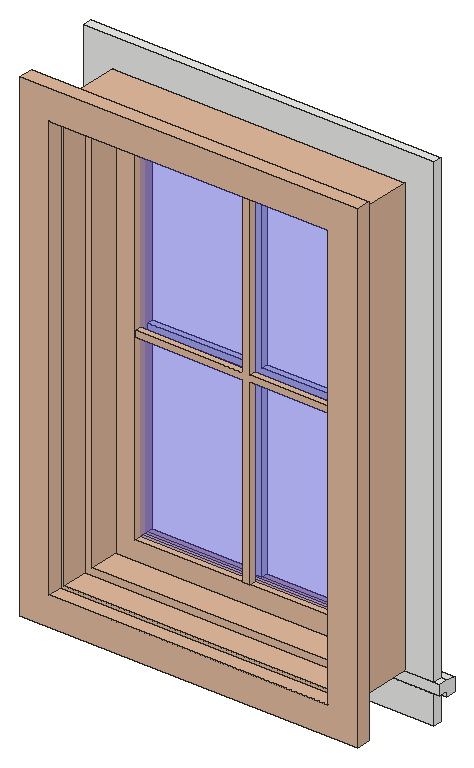
Revit family "M_Janela-toldo-simples", category Janelas, Revit 2019
Family settings
  Hospedeiro = Parede
  Número OmniClass = 23.30.20.00
  Título OmniClass = Windows
  Sempre na vertical = Sim
  Corte com vazios quando carregada = Não
  Compartilhado = Não
  Ponto de cálculo do ambiente = Não
Parameters (values of type "600 x 900mm")
  Janela aplicada [instance] = 0 mm
  Espessura da parede [instance] = 150 mm
  Visual Light Transmittance = 0.81
  Resistência térmica (R) = 0.319569 (m²·K)/W
  Solar Heat Gain Coefficient = 0.76
  Largura bruta = Largura + 15 mm  # 615 mm
  Altura bruta = Altura + 15 mm  # 915 mm
  Visibilidade do montante = yes
  Padrão do montante = M_Padrão do montante_2x2 : M_Padrão do montante_2x2
  Fechamento da parede interior [instance] = 54.75 mm
  Visibilidade do recorte interior [instance] = yes
  Material da apara interior = Madeira – Manchada
  Recorte interior = M_Moldura-janela-interior-plana : Quadro
  Material da moldura interior = Madeira – Manchada
  Altura = 900 mm
  Coeficiente de transferência de calor (U) = 3.12929 W/(m²·K)
  Material do painel de vidro = Vidro
  Extensão do quadro [instance] = if(Visibilidade da apara externa, Janela aplicada + 6.35 mm, 6.35 mm)  # 6.35 mm
  Classificação de incêndio = "0.5h"
  Fechamento da parede externa [instance] = 31.75 mm
  Visibilidade da apara externa [instance] = yes
  Material da apara externa = Revestimento – Branco
  Apara externa = M_Recorte-Janela-Exterior-Plana : com peitoril
  Material da moldura exterior = Revestimento – Branco
  Visibilidade do umbral da extensão [instance] = and(Visibilidade do recorte interior, Espessura da parede - Janela aplicada > 95.25 mm)  # yes
  Umbral da extensão [instance] = if(Espessura da parede - Janela aplicada > 95.25 mm, Espessura da parede - Janela aplicada - 95.25 mm, 25.4 mm)  # 54.75 mm
  Altura-padrão do peitoril = 900 mm
  Fechamento da parede = Por hospedeiro
  Largura = 600 mm
  Código de montagem = "B2020100"
  Construção analítica = "Vidraça dupla – residencial"
Reference planes
  plane 1 "Centro (Frente/Trás)": y = 0
  plane 2: z = 0
  plane 3 "Centro (Esquerda/Direita)": x = 0
  plane 4 "Esquerda": x = -300
  plane 5 "Direita": x = 300
  plane 6 "Peitoril": z = 900
  plane 7 "Superior": z = 1800
  plane 8 "Exterior": y = 75
  plane 9 "Interior": y = -75
  plane 10 "Inset Face": y = 75
  plane 11 "Umbral": y = -20.25
  plane 12 "Face do caixilho": y = 87.7
  plane 13 "Fechamento da parede": y = -20.25
  plane 14: y = 55.95
  plane 15: z = 912.7
  plane 16: x = 287.3
  plane 17: x = 230.15
  plane 18: x = -230.15
  plane 19: x = -287.3
  plane 20: z = 1787.3
  plane 21: z = 1730.15
  plane 22: z = 969.85
  plane 23: y = 43.25
  plane 24: y = 94.05
  plane 25: y = 65.475
  plane 26 "Meio": z = 1350
  plane 27: y = -20.25
  plane 28: y = 43.25
  plane 29: y = 94.05
Forms (mm)
  Extrusion 1, solid, material "Madeira – Manchada" <- "Material da moldura interior", visible <- "Visibilidade do umbral da extensão"
    sketch origin (0, 0, 0) x (1, 0, 0) y (0, 0, 1)
      loop
        line (300, 1800) -> (-300, 1800) -> (-300, 900) -> (300, 900) -> (300, 1800)
      loop
        line (280.95, 1780.95) -> (-280.95, 1780.95) -> (-280.95, 919.05) -> (280.95, 919.05) -> (280.95, 1780.95)
    from 20.25 to 75
  Sweep 2, solid, material "Madeira – Manchada" <- "Material da moldura interior"
    path origin (0, 87.7, 0) x (-1, 0, 0) y (0, 0, 1)
      loop
        line (-287.3, 1787.3) -> (-287.3, 912.7) -> (287.3, 912.7) -> (287.3, 1787.3) -> (-287.3, 1787.3)
    profile origin (287.3, 87.7, 1350) x (1, 0, 0) y (0, 1, 0)
      loop
        line (-57.15, 0) -> (-57.15, -44.45) -> (0, -44.45) -> (0, 0) -> (-57.15, 0)
  Extrusion 3, solid, material "Vidro" <- "Material do painel de vidro"
    sketch origin (0, 0, 900) x (0, -1, 0) y (1, 0, 0)
      loop
        line (-75, -230.15) -> (-68.65, -230.15) -> (-68.65, 230.15) -> (-75, 230.15) -> (-75, -230.15)
      loop
        line (-62.3, -230.15) -> (-55.95, -230.15) -> (-55.95, 230.15) -> (-62.3, 230.15) -> (-62.3, -230.15)
    from 69.85 to 830.15
  Sweep 4, solid, material "Madeira – Manchada" <- "Material da moldura interior"
    path origin (0, 0, 0) x (1, 0, 0) y (0, 0, 1)
      loop
        line (300, 1800) -> (-300, 1800) -> (-300, 900) -> (300, 900) -> (300, 1800)
    profile origin (300, 0, 1350) x (0, -1, 0) y (1, 0, 0)
      loop
        line (-94.05, -12.7) -> (-43.25, -12.7) -> (-43.25, -31.75) -> (20.25, -31.75) -> (20.25, 0) -> (-94.05, 0) -> (-94.05, -12.7)
Lines and regions (mm)
  Opening 1
    outline origin (-1524, -75, 0) x (1, 0, 0) y (0, 0, 1)
      loop
        line (1224, 1800) -> (1224, 900) -> (1824, 900) -> (1824, 1800) -> (1224, 1800)
  Split face 1
    outline origin (-230.15, 43.25, 969.85) x (1, 0, 0) y (0, 1, 0)
      loop
        line (0, 31.75) -> (460.3, 31.75)
  Split face 2
    outline origin (230.15, 43.25, 969.85) x (0, 0, 1) y (0, 1, 0)
      loop
        line (0, 31.75) -> (760.3, 31.75)
  Split face 3
    outline origin (-230.15, 43.25, 1730.15) x (0, 0, -1) y (0, 1, 0)
      loop
        line (0, 31.75) -> (760.3, 31.75)
  Split face 4
    outline origin (230.15, 43.25, 1730.15) x (0, 1, 0) y (-1, 0, 0)
      loop
        line (31.75, 460.3) -> (31.75, 0)
  Split face 5
    outline origin (-287.3, 94.05, 1787.3) x (0, -1, 0) y (1, 0, 0)
      loop
        line (6.35, 574.6) -> (6.35, 0)
  Split face 6
    outline origin (287.3, 94.05, 1787.3) x (0, 0, -1) y (0, -1, 0)
      loop
        line (0, 6.35) -> (874.6, 6.35)
  Split face 7
    outline origin (287.3, 94.05, 912.7) x (-1, 0, 0) y (0, -1, 0)
      loop
        line (574.6, 6.35) -> (0, 6.35)
  Split face 8
    outline origin (-287.3, 94.05, 912.7) x (0, 0, 1) y (0, -1, 0)
      loop
        line (0, 6.35) -> (874.6, 6.35)
  symbolic lines, style "Giro da elevação"
    curve 1: line (0, -75, 1787.3) -> (287.3, -75, 912.7)
    curve 2: line (0, -75, 1787.3) -> (-287.3, -75, 912.7)
Text (mm)
  text "EXTERIOR" at (-1490.695, 1293.036, 0), in view "Nível de referência"
  text "INTERIOR" at (-1490.695, -959.266, 0), in view "Nível de referência"
  text "Exterior" at (0, 1108.87, 3129.179), in view "Esquerda"
  text "Exterior" at (0, 464.664, 3176.206), in view "Direita"
Dimensions and locks
  equal spacing: plane 4 "Esquerda", plane 3 "Centro (Esquerda/Direita)", plane 5 "Direita"
  "Largura": plane 4 "Esquerda" to plane 5 "Direita"
  "Altura": plane 6 "Peitoril" to plane 7 "Superior"
  "Altura-padrão do peitoril": plane 2 to plane 6 "Peitoril"
  "Janela aplicada": plane 8 "Exterior" to plane 10 "Inset Face"
  "Umbral da extensão": plane 11 "Umbral" to plane 9 "Interior"
  locked: plane 12 "Face do caixilho" to plane 10 "Inset Face" at 12.7
  locked: plane 10 "Inset Face" to plane 13 "Fechamento da parede" at 95.25
  locked: plane 10 "Inset Face" to plane 14 at 19.05
  locked: plane 6 "Peitoril" to plane 15 at 12.7
  locked: plane 16 to plane 5 "Direita" at 12.7
  locked: plane 17 to plane 16 at 57.15
  locked: plane 4 "Esquerda" to plane 19 at 12.7
  locked: plane 19 to plane 18 at 57.15
  locked: plane 20 to plane 7 "Superior" at 12.7
  equal spacing: Extrusion 3 sketch curve, Extrusion 3 sketch curve, Extrusion 3 sketch curve, Extrusion 3 sketch curve
  locked: plane 15 to plane 22 at 57.15
  locked: plane 21 to plane 20 at 57.15
  locked: plane 14 to plane 23 at 12.7
  locked: plane 24 to plane 8 "Exterior" at 19.05
  "Espessura da parede": host wall to host wall
  equal spacing: plane 10 "Inset Face", plane 25, plane 14
  equal spacing: plane 22, plane 26 "Meio", plane 21
  locked: Sweep 4 sketch curve to plane 16 at 19.05
  "Fechamento da parede interior": plane 27 to plane 9 "Interior"
  "Fechamento da parede externa": plane 8 "Exterior" to plane 28
  "Extensão do quadro": plane 29 to plane 12 "Face do caixilho"
  aligned and locked: plane 7 "Superior" to Opening 1 sketch curve
  aligned and locked: plane 6 "Peitoril" to Opening 1 sketch curve  (x2)
  aligned and locked: plane 5 "Direita" to Opening 1 sketch curve
  aligned and locked: plane 4 "Esquerda" to Opening 1 sketch curve
  aligned and locked: level to plane 2
  aligned and locked: plane 8 "Exterior" to host wall
  aligned and locked: plane 9 "Interior" to host wall
  aligned and locked: Extrusion 1 sketch curve to plane 6 "Peitoril"
  aligned and locked: plane 7 "Superior" to Extrusion 1 sketch curve
  aligned and locked: plane 5 "Direita" to Extrusion 1 sketch curve
  aligned and locked: Extrusion 1 sketch curve to plane 4 "Esquerda"
  aligned and locked: Extrusion 1 to plane 9 "Interior"
  aligned and locked: plane 11 "Umbral" to Extrusion 1
  aligned and locked: plane 16 to Sweep 2 sketch curve
  aligned and locked: Sweep 2 sketch curve to plane 19
  aligned and locked: Sweep 2 sketch curve to plane 20
  aligned and locked: plane 15 to Sweep 2 sketch curve
  aligned and locked: plane 12 "Face do caixilho" to Sweep 2 sketch curve
  aligned and locked: Sweep 2 sketch curve to plane 16
  aligned and locked: plane 17 to Sweep 2 sketch curve
  aligned and locked: Extrusion 3 sketch curve to plane 10 "Inset Face"
  aligned and locked: plane 17 to Extrusion 3 sketch curve  (x2)
  aligned and locked: Extrusion 3 sketch curve to plane 18  (x2)
  aligned and locked: plane 21 to Extrusion 3
  aligned and locked: Extrusion 3 to plane 22
  aligned and locked: plane 18 to Split face 1 sketch curve
  aligned and locked: Split face 1 sketch curve to plane 10 "Inset Face"
  aligned and locked: plane 17 to Split face 1 sketch curve
  aligned and locked: plane 21 to Split face 2 sketch curve
  aligned and locked: plane 22 to Split face 2 sketch curve
  aligned and locked: Split face 2 sketch curve to plane 10 "Inset Face"
  aligned and locked: plane 22 to Split face 3 sketch curve
  aligned and locked: plane 21 to Split face 3 sketch curve
  aligned and locked: plane 10 "Inset Face" to Split face 3 sketch curve
  aligned and locked: plane 18 to Split face 4 sketch curve
  aligned and locked: plane 17 to Split face 4 sketch curve
  aligned and locked: Split face 4 sketch curve to plane 10 "Inset Face"
  aligned and locked: plane 3 "Centro (Esquerda/Direita)" to curve 1
  aligned and locked: plane 16 to curve 1
  aligned and locked: plane 15 to curve 1
  aligned and locked: plane 20 to curve 2
  aligned and locked: plane 15 to curve 2
  aligned and locked: plane 19 to curve 2
  aligned and locked: nested 1 to plane 25
  aligned and locked: plane 22 to nested 1
  aligned and locked: nested 2 to plane 4 "Esquerda"
  aligned and locked: plane 9 "Interior" to nested 2
  aligned and locked: Sweep 4 sketch curve to host wall  (x4)
  aligned and locked: plane 5 "Direita" to Sweep 4 sketch curve
  aligned and locked: Sweep 4 sketch curve to plane 16
  aligned and locked: plane 13 "Fechamento da parede" to Sweep 4 sketch curve
  aligned and locked: Sweep 2 to Sweep 4 sketch curve
  aligned and locked: plane 23 to Sweep 2 sketch curve
  aligned and locked: Split face 5 sketch curve to Sweep 2
  aligned and locked: Split face 6 sketch curve to Sweep 2
  aligned and locked: Split face 7 sketch curve to Sweep 2
  aligned and locked: Split face 8 sketch curve to Sweep 2
  aligned and locked: plane 21 to nested 1
  aligned and locked: nested 1 to plane 18
  aligned and locked: nested 1 to plane 17
  aligned and locked: plane 7 "Superior" to nested 3
  aligned and locked: plane 7 "Superior" to nested 4
  aligned and locked: nested 3 to plane 3 "Centro (Esquerda/Direita)"
  aligned and locked: plane 3 "Centro (Esquerda/Direita)" to nested 4
  aligned and locked: Sweep 4 sketch curve to plane 29
Automatic sketch dimensions
  Extrusion 3 sketch curve to plane 14 = 0 mm
  Split face 5 sketch curve to Sweep 4 = 0 mm  (x2)
  Sweep 4 to Split face 6 sketch curve = 0 mm
  Split face 6 sketch curve to Sweep 4 = 0 mm
  Split face 7 sketch curve to Sweep 4 = 0 mm  (x2)
  Split face 8 sketch curve to Sweep 4 = 0 mm
  Sweep 4 to Split face 8 sketch curve = 0 mm
  Extrusion 1 sketch curve to plane 19 = 6.35 mm
  plane 16 to Extrusion 1 sketch curve = 6.35 mm
  plane 15 to Extrusion 1 sketch curve = 6.35 mm
  Extrusion 1 sketch curve to plane 20 = 6.35 mm
Nested families
  nested 1: "M_Padrão do montante_2x2" at (0, 65.475, 969.85), visible <- "Visibilidade do montante", Material externo <- "Material da moldura exterior", Material interior <- "Material da moldura interior", type <- "Padrão do montante", type "M_Padrão do montante_2x2"
    with Largura 460.3 mm, Material interior Madeira – Manchada, Altura 760.3 mm, Material externo Revestimento – Branco
  nested 2: "M_Plano-toldo" at (0, 75, 900), Janela aplicada <- "Janela aplicada", Largura <- "Largura", Espessura da parede <- "Espessura da parede", Altura <- "Altura", type "M_Plano-toldo"
    with Janela aplicada de 3D 0 mm, Janela aplicada 0 mm, Largura 600 mm, Espessura da parede 150 mm, Linha superior yes, Linha à direita yes, Linha à esquerda yes, Altura 900 mm, Linha inferior yes
  nested 3: "M_Recorte-Janela-Exterior-Plana" at (0, 75, 1800) x (-1, 0, 0) z (0, 1, 0), visible <- "Visibilidade da apara externa", Material da apara <- "Material da apara externa", Largura da abertura <- "Largura", Altura da abertura <- "Altura", type <- "Apara externa", type "com peitoril"
    with Material da apara Revestimento – Branco, Largura da abertura 600 mm, Altura da abertura 900 mm
  nested 4: "M_Moldura-janela-interior-plana" at (0, -75, 1800) x (1, 0, 0) z (0, -1, 0), visible <- "Visibilidade do recorte interior", Material da apara <- "Material da apara interior", Largura da abertura <- "Largura", Altura da abertura <- "Altura", type <- "Recorte interior", type "Quadro"
    with Material da apara Madeira – Manchada, Largura da abertura 600 mm, Altura da abertura 900 mm
Definition of nested family "M_Padrão do montante_2x2"
  Parameters (values of type "M_Padrão do montante_2x2")
    Largura [instance] = 1200 mm
    Espessura = 12.7 mm
    Altura [instance] = 1200 mm
    Material interior [instance] = none
    Material externo [instance] = none
    Distância = 19.05 mm
  Reference planes
    plane 1 "Centro (Frente/Trás)": y = 0
    plane 2: z = 0
    plane 3 "Centro (Esquerda/Direita)": x = 0
    plane 4: z = 1200
    plane 5: x = -600
    plane 6: x = 600
    plane 7: z = 600
    plane 8: y = 9.525
    plane 9: y = 22.225
    plane 10: y = -9.525
    plane 11: y = -22.225
  Forms (mm)
    Extrusion 1, solid, material <- "Material interior", detail levels fine
      sketch origin (0, 0, 0) x (1, 0, 0) y (0, 0, 1)
        loop
          line (-600, 606.35) -> (-600, 593.65) -> (-6.35, 593.65) -> (-6.35, 0) -> (6.35, 0) -> (6.35, 593.65) -> (600, 593.65) -> (600, 606.35) -> (6.35, 606.35) -> (6.35, 1200) -> (-6.35, 1200) -> (-6.35, 606.35) -> (-600, 606.35)
      from 9.525 to 22.225
    Extrusion 2, solid, material <- "Material externo", detail levels fine
      sketch origin (0, 0, 0) x (1, 0, 0) y (0, 0, -1)
        loop
          line (-600, -606.35) -> (-6.35, -606.35) -> (-6.35, -1200) -> (6.35, -1200) -> (6.35, -606.35) -> (600, -606.35) -> (600, -593.65) -> (6.35, -593.65) -> (6.35, 0) -> (-6.35, 0) -> (-6.35, -593.65) -> (-600, -593.65) -> (-600, -606.35)
      from 9.525 to 22.225
  Lines and regions (mm)
    model lines, detail levels medium
      curve 1: line (0, 9.525, 1200) -> (0, 9.525, 0)
      curve 2: line (-600, -9.525, 600) -> (600, -9.525, 600)
      curve 3: line (-600, 9.525, 600) -> (600, 9.525, 600)
      curve 4: line (0, -9.525, 1200) -> (0, -9.525, 0)
  Dimensions and locks
    equal spacing: plane 6, plane 3 "Centro (Esquerda/Direita)", plane 5
    "Largura": plane 6 to plane 5
    "Altura": plane 4 to plane 2
    equal spacing: plane 4, plane 7, plane 2
    locked: plane 3 "Centro (Esquerda/Direita)" to Extrusion 1 sketch curve at 6.35  (x4)
    locked: Extrusion 1 sketch curve to plane 7 at 6.35  (x2)
    locked: plane 7 to Extrusion 1 sketch curve at 6.35  (x2)
    "Espessura": plane 9 to plane 8
    "Espessura": plane 10 to plane 11
    "Distância": plane 8 to plane 10
    equal spacing: plane 8, plane 1 "Centro (Frente/Trás)", plane 10
    aligned and locked: plane 2 to level
    aligned and locked: plane 4 to curve 1
    aligned and locked: plane 5 to curve 2
    aligned and locked: plane 2 to curve 1
    aligned and locked: plane 6 to curve 2
    aligned and locked: Extrusion 1 sketch curve to plane 4
    aligned and locked: Extrusion 1 sketch curve to plane 6
    aligned and locked: Extrusion 1 sketch curve to plane 5
    aligned and locked: Extrusion 1 sketch curve to level
    aligned and locked: Extrusion 1 to plane 11
    aligned and locked: plane 10 to Extrusion 1
    aligned and locked: Extrusion 2 to plane 5
    aligned and locked: plane 6 to Extrusion 2
    aligned and locked: Extrusion 2 to plane 8
    aligned and locked: plane 9 to Extrusion 2
    aligned and locked: Extrusion 2 to plane 2
    aligned and locked: plane 4 to Extrusion 2
    aligned and locked: plane 5 to curve 3
    aligned and locked: plane 6 to curve 3
    aligned and locked: plane 4 to curve 4
    aligned and locked: plane 2 to curve 4
    aligned and locked: plane 8 to curve 3
  Automatic sketch dimensions
    curve 2 to plane 7 = 0 mm
    Extrusion 2 sketch curve to plane 5 = 0 mm
    Extrusion 2 sketch curve to level = 0 mm
    Extrusion 2 sketch curve to plane 4 = 0 mm
    Extrusion 2 sketch curve to plane 6 = 0 mm
    Extrusion 2 sketch curve to plane 3 "Centro (Esquerda/Direita)" = 6.35 mm  (x2)
    plane 3 "Centro (Esquerda/Direita)" to Extrusion 2 sketch curve = 6.35 mm  (x2)
    plane 7 to Extrusion 2 sketch curve = 6.35 mm  (x2)
    Extrusion 2 sketch curve to plane 7 = 6.35 mm  (x2)
    curve 4 to plane 3 "Centro (Esquerda/Direita)" = 0 mm
    curve 4 to level = 0 mm
    curve 4 to plane 4 = 0 mm
    curve 3 to plane 6 = 0 mm
    curve 1 to plane 3 "Centro (Esquerda/Direita)" = 0 mm
    curve 3 to plane 5 = 0 mm
    curve 3 to plane 7 = 0 mm
Definition of nested family "M_Recorte-Janela-Exterior-Plana"
  Parameters (values of type "com peitoril")
    Largura da apara = 60 mm
    Espessura da apara_Quadro = 30 mm
    Espessura da apara_com peitoril = 19.05 mm
    Material da apara [instance] = none
    Espessura do peitoril = 30 mm
    Peitoril = yes
    Quadro = no
    Largura da abertura [instance] = 600 mm
    Altura da abertura [instance] = 900 mm
    Default Elevation = 1200 mm
  Types (2, lengths in mm): name | Peitoril | Quadro
    com peitoril | yes | no
    Quadro | no | yes
  Reference planes
    plane 1 "Centro (Frente/Trás)": y = 0
    plane 2: z = 0
    plane 3 "Centro (Esquerda/Direita)": x = 0
    plane 4: y = 60
    plane 5 "Esquerda": x = -300
    plane 6 "Direita": x = 300
    plane 7 "Inferior": y = -900
    plane 8: y = -930
    plane 9: y = -980.432
    plane 10: x = 360
    plane 11: x = -360
    plane 12: z = 19.05
    plane 13: z = 30
    plane 14: x = 372.7
    plane 15: x = -372.7
    plane 16: y = -920.432
    plane 17: y = -960
    plane 18: z = 12.7
    plane 19: y = -450
    plane 20: z = 38.1
  Forms (mm)
    Extrusion 1, solid
      sketch origin (0, 0, 0) x (1, 0, 0) y (0, 1, 0)
        loop
          line (-361.95, 57.15) -> (-361.95, -993.732) -> (361.95, -993.732) -> (361.95, 57.15) -> (-361.95, 57.15)
      from 0 to -304.8
    Extrusion 2, solid, material <- "Material da apara", visible <- "Peitoril"
      sketch origin (0, 0, 0) x (1, 0, 0) y (0, 1, 0)
        loop
          line (-360, -900) -> (-300, -900) -> (-300, 0) -> (300, 0) -> (300, -900) -> (360, -900) -> (360, 60) -> (-360, 60) -> (-360, -900)
      from 0 to 19.05
    Extrusion 3, solid, material <- "Material da apara", visible <- "Peitoril"
      sketch origin (0, 0, 0) x (0, 1, 0) y (0, 0, 1)
        loop
          line (-902.458, 38.1) -> (-930, 38.1) -> (-930, 19.05) -> (-920.432, 19.05) -> (-920.432, 0) -> (-900, 0) -> (-900, 19.05) -> (-902.458, 38.1)
      from -372.7 to 372.7
    Extrusion 4, solid, material <- "Material da apara", visible <- "Peitoril"
      sketch origin (0, 0, 0) x (1, 0, 0) y (0, 1, 0)
        loop
          line (-360, -920.432) -> (-360, -980.432) -> (360, -980.432) -> (360, -920.432) -> (-360, -920.432)
      from 0 to 19.05
    Extrusion 5, solid, material <- "Material da apara", visible <- "Quadro"
      sketch origin (0, 0, 0) x (1, 0, 0) y (0, 1, 0)
        loop
          line (-300, 0) -> (-300, -900) -> (300, -900) -> (300, 0) -> (-300, 0)
        loop
          line (-360, 60) -> (-360, -960) -> (360, -960) -> (360, 60) -> (-360, 60)
      from 0 to 30
  Dimensions and locks
    equal spacing: plane 5 "Esquerda", plane 3 "Centro (Esquerda/Direita)", plane 6 "Direita"
    "Largura da abertura": plane 5 "Esquerda" to plane 6 "Direita"
    "Altura da abertura": plane 7 "Inferior" to plane 1 "Centro (Frente/Trás)"
    "Espessura do peitoril": plane 7 "Inferior" to plane 8
    "Largura da apara": plane 11 to plane 5 "Esquerda"
    "Largura da apara": plane 6 "Direita" to plane 10
    "Largura da apara": plane 1 "Centro (Frente/Trás)" to plane 4
    locked: plane 15 to plane 11 at 12.7
    locked: plane 10 to plane 14 at 12.7
    locked: plane 16 to plane 8 at 9.568
    "Largura da apara": plane 9 to plane 16
    "Largura da apara": plane 17 to plane 7 "Inferior"
    locked: plane 18 to plane 2 at 12.7
    equal spacing: plane 7 "Inferior", plane 19, plane 1 "Centro (Frente/Trás)"
    locked: plane 20 to plane 12 at 19.05
    "Espessura da apara_com peitoril": plane 12 to plane 2
    "Espessura da apara_Quadro": plane 13 to plane 2
    aligned and locked: plane 2 to Extrusion 1
    aligned and locked: level to Extrusion 1
    aligned and locked: Extrusion 2 sketch curve to plane 5 "Esquerda"
    aligned and locked: Extrusion 2 sketch curve to plane 11
    aligned and locked: plane 7 "Inferior" to Extrusion 2 sketch curve  (x2)
    aligned and locked: plane 1 "Centro (Frente/Trás)" to Extrusion 2 sketch curve
    aligned and locked: plane 10 to Extrusion 2 sketch curve
    aligned and locked: Extrusion 2 sketch curve to plane 6 "Direita"
    aligned and locked: plane 12 to Extrusion 2
    aligned and locked: Extrusion 3 sketch curve to level
    aligned and locked: plane 7 "Inferior" to Extrusion 3 sketch curve
    aligned and locked: Extrusion 3 sketch curve to plane 8
    aligned and locked: plane 15 to Extrusion 3
    aligned and locked: Extrusion 3 to plane 14
    aligned and locked: plane 10 to Extrusion 4 sketch curve
    aligned and locked: Extrusion 4 sketch curve to plane 11
    aligned and locked: plane 16 to Extrusion 4 sketch curve
    aligned and locked: plane 9 to Extrusion 4 sketch curve
    aligned and locked: Extrusion 4 to Extrusion 2
    aligned and locked: Extrusion 2 sketch curve to plane 4
    aligned and locked: plane 1 "Centro (Frente/Trás)" to Extrusion 5 sketch curve
    aligned and locked: Extrusion 5 sketch curve to plane 4
    aligned and locked: Extrusion 5 sketch curve to plane 17
    aligned and locked: plane 7 "Inferior" to Extrusion 5 sketch curve
    aligned and locked: Extrusion 5 sketch curve to plane 6 "Direita"
    aligned and locked: plane 10 to Extrusion 5 sketch curve
    aligned and locked: Extrusion 5 sketch curve to plane 5 "Esquerda"
    aligned and locked: Extrusion 5 sketch curve to plane 11
    aligned and locked: plane 13 to Extrusion 5
    aligned and locked: plane 20 to Extrusion 3
  Automatic sketch dimensions
    Extrusion 1 sketch curve to Extrusion 1 sketch curve = 723.9 mm
    Extrusion 1 sketch curve to Extrusion 1 sketch curve = 1050.882 mm
    Extrusion 3 sketch curve to plane 16 = 0 mm
    Extrusion 3 sketch curve to plane 12 = 0 mm  (x2)
    Extrusion 3 sketch curve to plane 7 "Inferior" = 2.458 mm
    plane 13 to Extrusion 3 sketch curve = 8.1 mm
Definition of nested family "M_Moldura-janela-interior-plana"
  Parameters (values of type "com peitoril")
    Espessura da apara_Quadro = 30 mm
    Largura da apara = 60 mm
    Espessura da apara_com peitoril = 20 mm
    Material da apara [instance] = none
    Espessura do peitoril = 30 mm
    Peitoril = yes
    Quadro = no
    Largura da abertura [instance] = 600 mm
    Altura da abertura [instance] = 900 mm
    Default Elevation = 1200 mm
  Types (2, lengths in mm): name | Peitoril | Quadro
    com peitoril | yes | no
    Quadro | no | yes
  Reference planes
    plane 1 "Centro (Frente/Trás)": y = 0
    plane 2: z = 0
    plane 3 "Centro (Esquerda/Direita)": x = 0
    plane 4: y = 47.3
    plane 5 "Esquerda": x = -300
    plane 6 "Direita": x = 300
    plane 7 "Inferior": y = -900
    plane 8: y = -930
    plane 9: y = -980.432
    plane 10: x = 347.3
    plane 11: x = -347.3
    plane 12: z = 20
    plane 13: z = 30
    plane 14: x = 360
    plane 15: x = -360
    plane 16: y = -920.432
    plane 17: y = -947.3
    plane 18: z = 12.7
    plane 19: x = -287.3
    plane 20: y = -12.7
    plane 21: x = 287.3
    plane 22: y = -887.3
    plane 23: x = -334.6
    plane 24: x = 334.6
    plane 25: y = -450
  Forms (mm)
    Extrusion 1, solid
      sketch origin (0, 0, 0) x (1, 0, 0) y (0, 1, 0)
        loop
          line (-349.25, 44.45) -> (-349.25, -958.85) -> (349.25, -958.85) -> (349.25, 44.45) -> (-349.25, 44.45)
      from 0 to -304.8
    Extrusion 2, solid, material <- "Material da apara", visible <- "Peitoril"
      sketch origin (0, 0, 0) x (1, 0, 0) y (0, 1, 0)
        loop
          line (-334.6, -900) -> (-287.3, -900) -> (-287.3, 0) -> (287.3, 0) -> (287.3, -900) -> (334.6, -900) -> (334.6, 47.3) -> (-334.6, 47.3) -> (-334.6, -900)
      from 0 to 20
    Extrusion 3, solid, material <- "Material da apara", visible <- "Peitoril"
      sketch origin (0, 0, 0) x (0, 1, 0) y (0, 0, 1)
        loop
          line (-912.7, 39.05) -> (-920.432, 39.05) -> (-920.432, 0) -> (-900, 0) -> (-900, 26.35)
          arc (-900, 26.35) -> (-903.72, 35.33) -> (-912.7, 39.05) r 12.7
      from -347.3 to 347.3
    Extrusion 4, solid, material <- "Material da apara", visible <- "Peitoril"
      sketch origin (0, 0, 0) x (1, 0, 0) y (0, 1, 0)
        loop
          line (-334.6, -920.432) -> (-334.6, -980.432) -> (334.6, -980.432) -> (334.6, -920.432) -> (-334.6, -920.432)
      from 0 to 20
    Extrusion 5, solid, material <- "Material da apara", visible <- "Quadro"
      sketch origin (0, 0, 0) x (1, 0, 0) y (0, 1, 0)
        loop
          line (-287.3, -12.7) -> (-287.3, -887.3) -> (287.3, -887.3) -> (287.3, -12.7) -> (-287.3, -12.7)
        loop
          line (-347.3, 47.3) -> (-347.3, -947.3) -> (347.3, -947.3) -> (347.3, 47.3) -> (-347.3, 47.3)
      from 0 to 30
  Dimensions and locks
    equal spacing: plane 5 "Esquerda", plane 3 "Centro (Esquerda/Direita)", plane 6 "Direita"
    "Largura da abertura": plane 5 "Esquerda" to plane 6 "Direita"
    "Altura da abertura": plane 7 "Inferior" to plane 1 "Centro (Frente/Trás)"
    "Espessura do peitoril": plane 7 "Inferior" to plane 8
    "Largura da apara": plane 11 to plane 19
    "Largura da apara": plane 21 to plane 10
    "Largura da apara": plane 20 to plane 4
    "Espessura da apara_com peitoril": plane 12 to plane 2
    locked: plane 15 to plane 11 at 12.7
    locked: plane 10 to plane 14 at 12.7
    locked: plane 16 to plane 8 at 9.568
    "Largura da apara": plane 9 to plane 16
    "Largura da apara": plane 17 to plane 22
    plane 20 to plane 1 "Centro (Frente/Trás)" = 12.7 mm
    plane 5 "Esquerda" to plane 19 = 12.7 mm
    plane 21 to plane 6 "Direita" = 12.7 mm
    plane 22 to plane 7 "Inferior" = 12.7 mm
    locked: plane 11 to plane 23 at 12.7
    locked: plane 24 to plane 10 at 12.7
    equal spacing: plane 7 "Inferior", plane 25, plane 1 "Centro (Frente/Trás)"
    "Espessura da apara_Quadro": plane 13 to plane 2
    locked: Extrusion 3 to plane 12 at 19.05
    locked: plane 12 to Extrusion 3 sketch curve at 19.05
    radius of Extrusion 3 sketch curve = 12.7 mm
    aligned and locked: plane 2 to Extrusion 1
    aligned and locked: level to Extrusion 1
    aligned and locked: plane 7 "Inferior" to Extrusion 2 sketch curve  (x2)
    aligned and locked: plane 1 "Centro (Frente/Trás)" to Extrusion 2 sketch curve
    aligned and locked: plane 12 to Extrusion 2
    aligned and locked: Extrusion 3 sketch curve to level
    aligned and locked: plane 7 "Inferior" to Extrusion 3 sketch curve
    aligned and locked: plane 16 to Extrusion 4 sketch curve
    aligned and locked: plane 9 to Extrusion 4 sketch curve
    aligned and locked: Extrusion 2 sketch curve to plane 4
    aligned and locked: Extrusion 5 sketch curve to plane 4
    aligned and locked: Extrusion 5 sketch curve to plane 17
    aligned and locked: plane 10 to Extrusion 5 sketch curve
    aligned and locked: Extrusion 5 sketch curve to plane 11
    aligned and locked: plane 13 to Extrusion 5
    aligned and locked: Extrusion 5 sketch curve to plane 20
    aligned and locked: Extrusion 5 sketch curve to plane 19
    aligned and locked: Extrusion 5 sketch curve to plane 21
    aligned and locked: plane 22 to Extrusion 5 sketch curve
    aligned and locked: Extrusion 4 to plane 24
    aligned and locked: plane 11 to Extrusion 3
    aligned and locked: Extrusion 3 to plane 10
    aligned and locked: Extrusion 2 sketch curve to plane 21
    aligned and locked: Extrusion 2 sketch curve to plane 24
    aligned and locked: Extrusion 2 sketch curve to plane 19
    aligned and locked: Extrusion 2 sketch curve to plane 23
    aligned and locked: plane 12 to Extrusion 4
  Automatic sketch dimensions
    Extrusion 1 sketch curve to Extrusion 1 sketch curve = 698.5 mm
    Extrusion 1 sketch curve to Extrusion 1 sketch curve = 1003.3 mm
    Extrusion 3 sketch curve to plane 16 = 0 mm
    Extrusion 4 sketch curve to plane 11 = 12.7 mm
    Extrusion 4 sketch curve to plane 24 = 0 mm
Definition of nested family "M_Plano-toldo"
  Parameters (values of type "M_Plano-toldo")
    Janela aplicada [instance] = 50 mm
    Janela aplicada de 3D [instance] = if(Janela aplicada - 12.7 mm < 0 mm, 0 mm, if(Janela aplicada - 12.7 mm < Espessura da parede - 88.9 mm, Janela aplicada - 12.7 mm, Espessura da parede - 88.9 mm))  # 37.3 mm
    Width [instance] = 1200 mm
    Espessura da parede [instance] = 150 mm
    Linha superior [instance] = yes
    Rough Width = 930 mm
    Rough Height = 930 mm
    Linha à direita [instance] = yes
    Linha à esquerda [instance] = yes
    Height [instance] = 1200 mm
    Default Elevation = 1200 mm
    Linha inferior [instance] = yes
    Analytic Construction = "<Nenhum>"
  Reference planes
    plane 1 "Centro (Frente/Trás)": y = 0
    plane 2: z = 0
    plane 3 "Centro (Esquerda/Direita)": x = 0
    plane 4: x = -600
    plane 5: x = 600
    plane 6 "Umbral": y = -126.2
    plane 7: x = -587.3
    plane 8: x = -568.25
    plane 9: y = -37.3
    plane 10: y = -81.75
    plane 11: y = -59.525
    plane 12: x = -530.15
    plane 13: x = 587.3
    plane 14: x = 568.25
    plane 15: x = 530.15
    plane 16 "Janela aplicada": y = -50
    plane 17 "Parede": y = -150
    plane 18: z = 1200
    plane 19: z = 1187.3
    plane 20: z = 12.7
    plane 21: z = 1168.25
    plane 22: z = 31.75
    plane 23: z = 1130.15
    plane 24: z = 69.85
    plane 25: z = 600
  Lines and regions (mm)
    Masking region 1
      outline origin (0, 19.05, 0) x (1, 0, 0) y (0, 1, 0)
        loop
          line (-600, -169.05) -> (600, -169.05) -> (600, -19.05) -> (-600, -19.05) -> (-600, -169.05)
    Masking region 2
      outline origin (0, 0, 0) x (0, 1, 0) y (0, 0, 1)
        loop
          line (-150, 1200) -> (-150, 0) -> (0, 0) -> (0, 1200) -> (-150, 1200)
    symbolic lines
      curve 1: line (-587.3, -81.75, 0) -> (-568.25, -81.75, 0)
      curve 2: line (-568.25, -81.75, 0) -> (-568.25, -126.2, 0)
      curve 3: line (-587.3, -37.3, 0) -> (-587.3, -81.75, 0)
      curve 4: line (-530.15, -37.3, 0) -> (-530.15, -81.75, 0)
      curve 5: line (-530.15, -81.75, 0) -> (-568.25, -81.75, 0)
      curve 6: line (-530.15, -59.525, 0) -> (530.15, -59.525, 0)
      curve 7: line (568.25, -81.75, 0) -> (568.25, -126.2, 0)
      curve 8: line (587.3, -37.3, 0) -> (587.3, -81.75, 0)
      curve 9: line (530.15, -37.3, 0) -> (530.15, -81.75, 0)
      curve 10: line (530.15, -81.75, 0) -> (587.3, -81.75, 0)
      curve 11: line (-600, -126.2, 0) -> (-568.25, -126.2, 0)
      curve 12: line (568.25, -126.2, 0) -> (-568.25, -126.2, 0)
      curve 13: line (0, -81.75, 1168.25) -> (0, -126.2, 1168.25)
      curve 14: line (0, -126.2, 0) -> (0, -126.2, 31.75)
      curve 15: line (0, -37.3, 12.7) -> (0, -81.75, 12.7)
      curve 16: line (0, -81.75, 12.7) -> (0, -81.75, 69.85)
      curve 17: line (0, -81.75, 31.75) -> (0, -126.2, 31.75)
      curve 18: line (0, -37.3, 1200) -> (0, -37.3, 1130.15)
      curve 19: line (0, -37.3, 1130.15) -> (0, -81.75, 1130.15)
      curve 20: line (0, -81.75, 69.85) -> (0, -37.3, 69.85)
      curve 21: line (0, -59.525, 69.85) -> (0, -59.525, 1130.15)
      curve 22: line (0, -81.75, 1187.3) -> (0, -81.75, 1130.15)
      curve 23: line (530.15, -37.3, 0) -> (600, -37.3, 0)
      curve 24: line (530.15, -37.3, 0) -> (-530.15, -37.3, 0)
      curve 25: line (0, -37.3, 69.85) -> (0, -37.3, 0)
      curve 26: line (-530.15, -37.3, 0) -> (-600, -37.3, 0)
      curve 27: line (0, -37.3, 1130.15) -> (0, -37.3, 69.85)
      curve 32: line (568.25, -126.2, 0) -> (600, -126.2, 0)
      curve 33: line (0, -37.3, 1187.3) -> (0, -81.75, 1187.3)
      curve 34: line (0, -126.2, 1168.25) -> (0, -126.2, 1200)
      curve 35: line (0, -126.2, 31.75) -> (0, -126.2, 1168.25)
      curve 36: line (0, -81.75, 1187.3) -> (0, 505.55, 170.067)
      curve 37: arc (0, -81.75, 12.7) -> (0, 222.259, 52.724) -> (0, 505.55, 170.067) r 1174.6
    symbolic lines, visible <- "Linha superior"
      curve 28: line (0, 0, 1200) -> (0, -150, 1200)
    symbolic lines, visible <- "Linha inferior"
      curve 29: line (0, 0, 0) -> (0, -150, 0)
    symbolic lines, visible <- "Linha à esquerda"
      curve 30: line (-600, 0, 0) -> (-600, -150, 0)
    symbolic lines, visible <- "Linha à direita"
      curve 31: line (600, 0, 0) -> (600, -150, 0)
  Dimensions and locks
    "Width": plane 4 to plane 5
    equal spacing: plane 4, plane 3 "Centro (Esquerda/Direita)", plane 5
    plane 4 to plane 7 to plane 8 = 12.7 mm locked, 19.05 mm locked
    equal spacing: plane 9, plane 11, plane 10
    locked: plane 7 to plane 12 at 57.15
    plane 5 to plane 13 to plane 14 = 12.7 mm locked, 19.05 mm locked
    locked: plane 13 to plane 15 at 57.15
    locked: plane 9 to plane 16 "Janela aplicada" at 12.7
    locked: plane 9 to plane 10 at 44.45
    "Espessura da parede": plane 17 "Parede" to plane 1 "Centro (Frente/Trás)"
    "Height": plane 18 to plane 2
    locked: plane 18 to plane 19 at 12.7
    locked: plane 20 to plane 2 at 12.7
    locked: plane 19 to plane 21 at 19.05
    locked: plane 22 to plane 20 at 19.05
    locked: plane 19 to plane 23 at 57.15
    locked: plane 24 to plane 20 at 57.15
    locked: plane 10 to plane 6 "Umbral" at 44.45
    "Janela aplicada de 3D": plane 9 to plane 1 "Centro (Frente/Trás)"
    equal spacing: plane 18, plane 25, plane 2
    locked: plane 10 to curve 36 (angle 30.00°)
    aligned and locked: plane 2 to level
    aligned and locked: curve 2 to plane 8
    aligned and locked: curve 1 to plane 10
    aligned and locked: plane 4 to Masking region 1 sketch curve
    aligned and locked: Masking region 1 sketch curve to plane 5
    aligned and locked: plane 14 to curve 7
    aligned and locked: Masking region 1 sketch curve to plane 17 "Parede"
    aligned and locked: plane 1 "Centro (Frente/Trás)" to Masking region 1 sketch curve
    aligned and locked: Masking region 2 sketch curve to plane 18
    aligned and locked: plane 17 "Parede" to Masking region 2 sketch curve
    aligned and locked: level to Masking region 2 sketch curve
    aligned and locked: plane 6 "Umbral" to curve 14
    aligned and locked: plane 21 to curve 13
    aligned and locked: plane 22 to curve 17  (x2)
    aligned and locked: plane 10 to curve 16  (x2)
    aligned and locked: plane 20 to curve 15
    aligned and locked: curve 18 to plane 9
    aligned and locked: plane 23 to curve 19
    aligned and locked: curve 20 to plane 24
    aligned and locked: plane 11 to curve 21
    aligned and locked: plane 18 to curve 18
    aligned and locked: plane 9 to curve 15
    aligned and locked: plane 9 to curve 3
    aligned and locked: plane 19 to curve 22
    aligned and locked: plane 23 to curve 22
    aligned and locked: plane 9 to curve 24
    aligned and locked: plane 4 to curve 26
    aligned and locked: plane 9 to curve 25
    aligned and locked: plane 2 to curve 25
    aligned and locked: curve 4 to plane 12
    aligned and locked: plane 24 to curve 27
    aligned and locked: plane 1 "Centro (Frente/Trás)" to curve 28
    aligned and locked: plane 17 "Parede" to curve 28
    aligned and locked: curve 28 to plane 18
    aligned and locked: plane 17 "Parede" to curve 29
    aligned and locked: plane 1 "Centro (Frente/Trás)" to curve 29
    aligned and locked: curve 29 to plane 2
    aligned and locked: plane 4 to curve 11
    aligned and locked: plane 17 "Parede" to curve 31
    aligned and locked: curve 31 to plane 5
    aligned and locked: plane 5 to curve 32
    aligned and locked: plane 14 to curve 32
    aligned and locked: curve 32 to plane 6 "Umbral"
    aligned and locked: plane 17 "Parede" to curve 30
    aligned and locked: plane 9 to curve 33
    aligned and locked: plane 10 to curve 33
    aligned and locked: curve 33 to plane 19
    aligned and locked: plane 1 "Centro (Frente/Trás)" to curve 31
    aligned and locked: plane 1 "Centro (Frente/Trás)" to curve 30
    aligned and locked: plane 21 to curve 34
    aligned and locked: curve 35 to plane 6 "Umbral"
    aligned and locked: curve 34 to plane 6 "Umbral"
    aligned and locked: plane 20 to curve 37
    aligned and locked: plane 19 to curve 37
    aligned and locked: plane 10 to curve 37
  Automatic sketch dimensions
    curve 3 to plane 7 = 0 mm
    curve 9 to plane 15 = 0 mm
    curve 8 to plane 10 = 0 mm
    curve 8 to plane 13 = 0 mm
    curve 6 to plane 11 = 0 mm
    Masking region 2 sketch curve to plane 1 "Centro (Frente/Trás)" = 0 mm
Types in the file's own list only (29): name | Transmissão de luz visual | Resistência térmica (R) | Coeficiente de ganho de calor solar | Largura bruta | Altura bruta | Visibilidade do montante | Padrão do montante | Altura | Coeficiente de transferência de calor (U) | Largura
  450 x 600mm | 0.81 | 0.3196 (m²·K)/W | 0.76 | 465 mm | 615 mm | Sim | M_Padrão do montante_2x2 | 600 mm | 3.1293 W/(m²·K) | 450 mm
  450 x 750mm | 0.81 | 0.3196 (m²·K)/W | 0.76 | 465 mm | 765 mm | Sim | M_Padrão do montante_2x2 | 750 mm | 3.1293 W/(m²·K) | 450 mm
  450 x 900mm | 0.81 | 0.3196 (m²·K)/W | 0.76 | 465 mm | 915 mm | Sim | M_Padrão do montante_2x2 | 900 mm | 3.1293 W/(m²·K) | 450 mm
  450 x 1050mm | 0.81 | 0.3196 (m²·K)/W | 0.76 | 465 mm | 1065 mm | Sim | M_Padrão do montante_2x2 | 1050 mm | 3.1293 W/(m²·K) | 450 mm
  450 x 1200mm | 0.81 | 0.3196 (m²·K)/W | 0.76 | 465 mm | 1215 mm | Sim | M_Padrão do montante_2x2 | 1200 mm | 3.1293 W/(m²·K) | 450 mm
  450 x 1350mm | 0.81 | 0.3196 (m²·K)/W | 0.76 | 465 mm | 1365 mm | Sim | M_Padrão do montante_2x2 | 1350 mm | 3.1293 W/(m²·K) | 450 mm
  450 x 1500mm | 0.81 | 0.3196 (m²·K)/W | 0.76 | 465 mm | 1515 mm | Sim | M_Padrão do montante_2x2 | 1500 mm | 3.1293 W/(m²·K) | 450 mm
  450 x 1650mm | 0.81 | 0.3196 (m²·K)/W | 0.76 | 465 mm | 1665 mm | Sim | M_Padrão do montante_2x2 | 1650 mm | 3.1293 W/(m²·K) | 450 mm
  600 x 600mm | 0.81 | 0.3196 (m²·K)/W | 0.76 | 615 mm | 615 mm | Sim | M_Padrão do montante_2x2 | 600 mm | 3.1293 W/(m²·K) | 600 mm
  600 x 750mm | 0.81 | 0.3196 (m²·K)/W | 0.76 | 615 mm | 765 mm | Sim | M_Padrão do montante_2x2 | 750 mm | 3.1293 W/(m²·K) | 600 mm
  600 x 1050mm | 0.81 | 0.3196 (m²·K)/W | 0.76 | 615 mm | 1065 mm | Sim | M_Padrão do montante_2x2 | 1050 mm | 3.1293 W/(m²·K) | 600 mm
  600 x 1200mm | 0.81 | 0.3196 (m²·K)/W | 0.76 | 615 mm | 1215 mm | Sim | M_Padrão do montante_2x2 | 1200 mm | 3.1293 W/(m²·K) | 600 mm
  600 x 1350mm | 0.81 | 0.3196 (m²·K)/W | 0.76 | 615 mm | 1365 mm | Sim | M_Padrão do montante_2x2 | 1350 mm | 3.1293 W/(m²·K) | 600 mm
  600 x 1500mm | 0.81 | 0.3196 (m²·K)/W | 0.76 | 615 mm | 1515 mm | Sim | M_Padrão do montante_2x2 | 1500 mm | 3.1293 W/(m²·K) | 600 mm
  600 x 1650mm | 0.81 | 0.3196 (m²·K)/W | 0.76 | 615 mm | 1665 mm | Sim | M_Padrão do montante_2x2 | 1650 mm | 3.1293 W/(m²·K) | 600 mm
  750 x 600mm | 0.81 | 0.3196 (m²·K)/W | 0.76 | 765 mm | 615 mm | Sim | M_Padrão do montante_2x2 | 600 mm | 3.1293 W/(m²·K) | 750 mm
  750 x 750mm | 0.81 | 0.3196 (m²·K)/W | 0.76 | 765 mm | 765 mm | Sim | M_Padrão do montante_2x2 | 750 mm | 3.1293 W/(m²·K) | 750 mm
  750 x 900mm | 0.81 | 0.3196 (m²·K)/W | 0.76 | 765 mm | 915 mm | Sim | M_Padrão do montante_2x2 | 900 mm | 3.1293 W/(m²·K) | 750 mm
  750 x 1050mm | 0.81 | 0.3196 (m²·K)/W | 0.76 | 765 mm | 1065 mm | Sim | M_Padrão do montante_2x2 | 1050 mm | 3.1293 W/(m²·K) | 750 mm
  750 x 1200mm | 0.81 | 0.3196 (m²·K)/W | 0.76 | 765 mm | 1215 mm | Sim | M_Padrão do montante_2x2 | 1200 mm | 3.1293 W/(m²·K) | 750 mm
  750 x 1350mm | 0.81 | 0.3196 (m²·K)/W | 0.76 | 765 mm | 1365 mm | Sim | M_Padrão do montante_2x2 | 1350 mm | 3.1293 W/(m²·K) | 750 mm
  750 x 1500mm | 0.81 | 0.3196 (m²·K)/W | 0.76 | 765 mm | 1515 mm | Sim | M_Padrão do montante_2x2 | 1500 mm | 3.1293 W/(m²·K) | 750 mm
  750 x 1650mm | 0.81 | 0.3196 (m²·K)/W | 0.76 | 765 mm | 1665 mm | Sim | M_Padrão do montante_2x2 | 1650 mm | 3.1293 W/(m²·K) | 750 mm
  900 x 900mm | 0.81 | 0.3196 (m²·K)/W | 0.76 | 915 mm | 915 mm | Sim | M_Padrão do montante_2x2 | 900 mm | 3.1293 W/(m²·K) | 900 mm
  900 x 1050mm | 0.81 | 0.3196 (m²·K)/W | 0.76 | 915 mm | 1065 mm | Sim | M_Padrão do montante_2x2 | 1050 mm | 3.1293 W/(m²·K) | 900 mm
  900 x 1200mm | 0.81 | 0.3196 (m²·K)/W | 0.76 | 915 mm | 1215 mm | Sim | M_Padrão do montante_2x2 | 1200 mm | 3.1293 W/(m²·K) | 900 mm
  900 x 1350mm | 0.81 | 0.3196 (m²·K)/W | 0.76 | 915 mm | 1365 mm | Sim | M_Padrão do montante_2x2 | 1350 mm | 3.1293 W/(m²·K) | 900 mm
  900 x 1500mm | 0.81 | 0.3196 (m²·K)/W | 0.76 | 915 mm | 1515 mm | Sim | M_Padrão do montante_2x2 | 1500 mm | 3.1293 W/(m²·K) | 900 mm
  900 x 1650mm | 0.81 | 0.3196 (m²·K)/W | 0.76 | 915 mm | 1665 mm | Sim | M_Padrão do montante_2x2 | 1650 mm | 3.1293 W/(m²·K) | 900 mm
